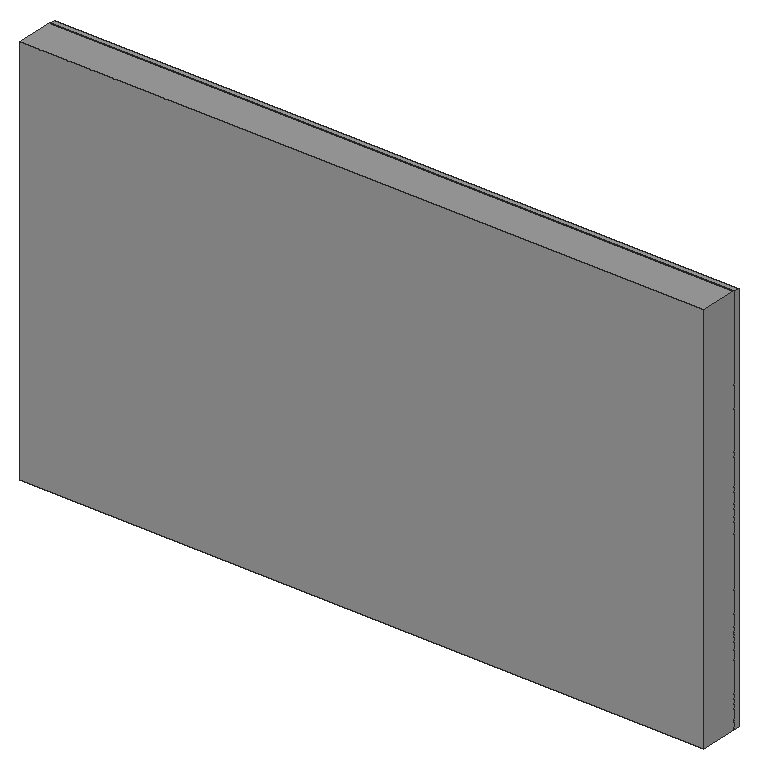
Revit family "Pluraluce M LED 1-s Sentr (skrått 45 grader opp mot venstre_veggmontasje)", category Lighting Fixtures, Revit 2013
Parameters (values of type "20m")
  Width = 10 mm
  Wattage Comments = "17 W"
  Wattage = 9.2903 W
  built-in parameter 1150110 = 1 (stored number, unit not read)
  Voltage = 230 V
  URL = ""
  built-in parameter 1114217 = 1 (stored number, unit not read)
  Tilt Angle = 90.00°
  built-in parameter 1150109 = 1 (stored number, unit not read)
  built-in parameter 1150134 = 3
  Symbol Positive Direction [instance] = yes
  Symbol Offset Side [instance] = 0 mm
  Symbol Offset Out [instance] = 0 mm
  built-in parameter 1150113 = 1 (stored number, unit not read)
  Reference Line Out [instance] = 50 mm
  Photometric Web File = "20x42A12.ies"
  Number of Poles = 1
  built-in parameter 1150105 = 109.82 (stored number, unit not read)
  Lumens = 1380 lm
  built-in parameter 1150115 = 1 (stored number, unit not read)
  Load Classification [instance] = Other
  Model = ""
  Manufacturer = ""
  built-in parameter 1150137 = (empty or 0)
  built-in parameter 1150139 = (empty or 0)
  Length 1 = Length - 30 mm  # 205 mm
  Length = 235 mm
  built-in parameter 1150112 = 1 (stored number, unit not read)
  built-in parameter 1150114 = 1 (stored number, unit not read)
  Lamp = "1"
  built-in parameter 1150132 = (empty or 0)
  built-in parameter 1150102 = (empty or 0)
  built-in parameter 1150107 = 3200 (stored number, unit not read)
  built-in parameter 1150138 = (empty or 0)
  built-in parameter 1150106 = 1.0982 (stored number, unit not read)
  Height 1 = Height - 30 mm  # 105 mm
  Height = 135 mm
  Emit from Rectangle Width = Height  # 135 mm
  Emit from Rectangle Length = Length  # 235 mm
  Emit Shape Visible in Rendering = no
  built-in parameter 1150104 = 13.8 (stored number, unit not read)
  Dimming Lamp Color Temperature Shift = <None>
  Description = ""
  Color Filter = 16777215
  Body Material and Colour = Default
  built-in parameter 1114218 = 1 (stored number, unit not read)
  built-in parameter 1150133 = 10 (stored number, unit not read)
  Assembly Code = ""
  Apparent Load = 17 VA
  30m = no
  20m = yes
Types (2, lengths in mm): name | Reference Line Out | Length 1 | Length | Height 1 | Height | Emit from Rectangle Width | Emit from Rectangle Length | 30m | 20m
  20m | 50 | 205 | 235 | 105 | 135 | 135 | 235 | no | yes
  30m | 139.852 | 305 | 335 | 155 | 185 | 185 | 335 | yes | no
Reference planes
  plane 1 "Light Source Axis (F/B)": y = 119.961
  plane 2 "Top": z = 83
  plane 3 "Light Source Axis (L/R)": x = 0
  plane 4 "Level": z = 0
  plane 5 "Bottom": z = -135
  plane 6: x = -117.5
  plane 7: x = 117.5
  plane 8: y = 132.961
  plane 9: y = 134.961
  plane 10: z = -15
  plane 11: x = -102.5
  plane 12: x = 102.5
  plane 13: z = -67.5
  plane 14: z = -120
Forms (mm)
  Extrusion 1, solid, material "Default" <- "Body Material and Colour"
    sketch origin (0, 119.961, 0) x (1, 0, 0) y (0, 0, 1)
      loop
        line (-117.5, 0) -> (-117.5, -135) -> (117.5, -135) -> (117.5, 0) -> (-117.5, 0)
    from 0 to -13
  Extrusion 2, solid, material "Default" <- "Body Material and Colour"
    sketch origin (0, 119.961, 0) x (1, 0, 0) y (0, 0, 1)
      loop
        line (-117.5, 0) -> (-117.5, -135) -> (117.5, -135) -> (117.5, 0) -> (-117.5, 0)
      loop
        line (-102.5, -15) -> (-102.5, -120) -> (102.5, -120) -> (102.5, -15) -> (-102.5, -15)
    from -15 to -13
Lines and regions (mm)
  model lines, style "InvisibleLines"
    curve 1: line (0, 119.961, 0) -> (0, 169.961, 0)
Dimensions and locks
  equal spacing: plane 6, plane 3 "Light Source Axis (L/R)", plane 7
  "Length": plane 6 to plane 7
  plane 8 to plane 1 "Light Source Axis (F/B)" = 13 mm
  locked: plane 9 to plane 8 at 2
  equal spacing: plane 4 "Level", plane 13, plane 5 "Bottom"
  "Height": plane 4 "Level" to plane 5 "Bottom"
  equal spacing: plane 11, plane 3 "Light Source Axis (L/R)", plane 12
  "Length 1": plane 11 to plane 12
  equal spacing: plane 10, plane 13, plane 14
  "Height 1": plane 10 to plane 14
  locked: plane 1 "Light Source Axis (F/B)" to plane 9 at 15
  "Reference Line Out": plane 1 "Light Source Axis (F/B)" to curve 1
  aligned and locked: plane 4 "Level" to level
  aligned and locked: plane 8 to nested 2
  aligned and locked: nested 2 to plane 13
  aligned and locked: plane 3 "Light Source Axis (L/R)" to nested 3
  aligned and locked: plane 1 "Light Source Axis (F/B)" to nested 3
  aligned and locked: plane 8 to nested 1
  aligned and locked: plane 4 "Level" to Extrusion 1 sketch curve
  aligned and locked: plane 6 to Extrusion 1 sketch curve
  aligned and locked: plane 5 "Bottom" to Extrusion 1 sketch curve
  aligned and locked: Extrusion 1 sketch curve to plane 7
  aligned and locked: Extrusion 1 to plane 8
  aligned and locked: plane 1 "Light Source Axis (F/B)" to Extrusion 1
  aligned and locked: plane 4 "Level" to Extrusion 2 sketch curve
  aligned and locked: Extrusion 2 sketch curve to plane 7
  aligned and locked: plane 5 "Bottom" to Extrusion 2 sketch curve
  aligned and locked: plane 6 to Extrusion 2 sketch curve
  aligned and locked: Extrusion 2 sketch curve to plane 10
  aligned and locked: plane 11 to Extrusion 2 sketch curve
  aligned and locked: plane 14 to Extrusion 2 sketch curve
  aligned and locked: Extrusion 2 sketch curve to plane 12
  aligned and locked: plane 8 to Extrusion 2
  aligned and locked: Extrusion 2 to plane 9
  aligned and locked: nested 1 to plane 13
  aligned and locked: plane 13 to imposter light
  aligned and locked: imposter light to plane 9
  aligned and locked: plane 1 "Light Source Axis (F/B)" to curve 1
  aligned and locked: plane 3 "Light Source Axis (L/R)" to curve 1
Nested families
  nested 1: "20m_skrått 45 grader opp mot venstre" at (0, 132.961, -67.5), visible <- "20m", type "20m"
  nested 2: "30m_skrått 45 grader opp mot venstre" at (0, 132.961, -67.5), visible <- "30m", type "30m"
  nested 3: "MarkeringslysS" at (0, 119.961, 0), type "Type 1"
Connectors
  electrical at (0, 119.961, 0), driven by "Number of Poles", driven by "Voltage", driven by "Apparent Load", driven by "Load Classification"
    settings: index 1, voltage 230 V, apparent load 0 VA, apparent load phase1 17 VA, apparent load phase2 0 VA, apparent load phase3 0 VA, power factor 1, load classification "Other", number of poles 1, system type 31, power factor state 1, is connector primary yes, connector utility no, sub classification motor no, connector description ""
Definition of nested family "20m_skrått 45 grader opp mot venstre"
  Parameters (values of type "20m")
    Material = yes
    L = 205 mm
    H = 135 mm
  Reference planes
    plane 1 "Center (Front/Back)": y = 0
    plane 2: z = 0
    plane 3 "Center (Left/Right)": x = 0
    plane 4: y = -2
  Forms (mm)
    Extrusion 1, solid, material "Green", visible <- "Material"
      sketch origin (453.48, 0, -265.275) x (1, 0, 0) y (0, 0, 1)
        loop
          line (-555.98, 317.775) -> (-555.98, 212.775) -> (-350.98, 212.775) -> (-350.98, 317.775) -> (-555.98, 317.775)
        loop
          line (-381.179, 261.219) -> (-381.179, 288.256) -> (-408.216, 288.256) -> (-416.327, 280.145) -> (-397.401, 280.145) -> (-431.197, 246.349) -> (-423.086, 238.238) -> (-389.29, 272.034) -> (-389.29, 253.108) -> (-381.179, 261.219)
        loop
          circle (-469.766, 303.483) r 7
        loop
          line (-475.5, 291.17) -> (-481.111, 295.878) -> (-514.738, 289.33) -> (-523.167, 276.351)
          arc (-523.167, 276.351) -> (-523.437, 274.892) -> (-522.597, 273.669) r 1.939
          line (-522.597, 273.669) -> (-520.357, 272.215)
          arc (-520.357, 272.215) -> (-518.849, 271.956) -> (-517.622, 272.872) r 1.939
          line (-517.622, 272.872) -> (-511.565, 283.363) -> (-494.748, 286.638) -> (-511.024, 258.447) -> (-527.794, 258.447)
          arc (-527.794, 258.447) -> (-530.079, 257.5) -> (-531.025, 255.215) r 3.232
          line (-531.025, 255.215) -> (-531.025, 251.984)
          arc (-531.025, 251.984) -> (-530.079, 249.699) -> (-527.794, 248.752) r 3.232
          line (-527.794, 248.752) -> (-494.232, 248.752) -> (-489.068, 257.695) -> (-482.551, 252.226) -> (-482.551, 225.892)
          arc (-482.551, 225.892) -> (-481.604, 223.607) -> (-479.319, 222.661) r 3.232
          line (-479.319, 222.661) -> (-476.087, 222.661)
          arc (-476.087, 222.661) -> (-473.802, 223.607) -> (-472.856, 225.892) r 3.232
          line (-472.856, 225.892) -> (-472.856, 256.746) -> (-484.146, 266.22) -> (-479.224, 274.746) -> (-468.474, 265.726)
          arc (-468.474, 265.726) -> (-467.059, 265.28) -> (-465.743, 265.965) r 1.939
          line (-465.743, 265.965) -> (-464.081, 267.946)
          arc (-464.081, 267.946) -> (-463.635, 269.361) -> (-464.32, 270.677) r 1.939
          line (-464.32, 270.677) -> (-475.942, 280.43) -> (-471.849, 287.519) -> (-475.5, 291.17)
      from 0 to 2
  Dimensions and locks
    aligned and locked: level to plane 2
Definition of nested family "30m_skrått 45 grader opp mot venstre"
  Parameters (values of type "30m")
    Material = yes
    L = 425.577 mm
    H = 260 mm
  Reference planes
    plane 1 "Center (Front/Back)": y = 0
    plane 2: z = 0
    plane 3 "Center (Left/Right)": x = 0
    plane 4: y = -2
  Forms (mm)
    Extrusion 1, solid, material "Green", visible <- "Material"
      sketch origin (0, 0, 0) x (1, 0, 0) y (0, 0, 1)
        loop
          line (-152.5, 77.5) -> (-152.5, -77.5) -> (152.5, -77.5) -> (152.5, 77.5) -> (-152.5, 77.5)
        loop
          line (116.852, -7.071) -> (116.852, 40.069) -> (69.712, 40.069) -> (55.57, 25.927) -> (88.568, 25.927) -> (29.642, -32.998) -> (43.785, -47.14) -> (102.71, 11.785) -> (102.71, -21.213) -> (116.852, -7.071)
        loop
          circle (-34.197, 48.678) r 8.988
        loop
          line (-41.559, 32.868) -> (-48.764, 38.913) -> (-91.942, 30.506) -> (-102.764, 13.841)
          arc (-102.764, 13.841) -> (-103.111, 11.967) -> (-102.032, 10.397) r 2.49
          line (-102.032, 10.397) -> (-99.157, 8.53)
          arc (-99.157, 8.53) -> (-97.22, 8.197) -> (-95.645, 9.373) r 2.49
          line (-95.645, 9.373) -> (-87.867, 22.844) -> (-66.274, 27.049) -> (-87.172, -9.148) -> (-108.705, -9.148)
          arc (-108.705, -9.148) -> (-111.639, -10.364) -> (-112.855, -13.298) r 4.149
          line (-112.855, -13.298) -> (-112.855, -17.447)
          arc (-112.855, -17.447) -> (-111.639, -20.381) -> (-108.705, -21.597) r 4.149
          line (-108.705, -21.597) -> (-65.611, -21.597) -> (-58.981, -10.114) -> (-50.612, -17.137) -> (-50.612, -50.949)
          arc (-50.612, -50.949) -> (-49.397, -53.883) -> (-46.463, -55.098) r 4.149
          line (-46.463, -55.098) -> (-42.313, -55.098)
          arc (-42.313, -55.098) -> (-39.379, -53.883) -> (-38.164, -50.949) r 4.149
          line (-38.164, -50.949) -> (-38.164, -11.332) -> (-52.661, 0.833) -> (-46.341, 11.78) -> (-32.538, 0.198)
          arc (-32.538, 0.198) -> (-30.721, -0.375) -> (-29.031, 0.505) r 2.49
          line (-29.031, 0.505) -> (-26.897, 3.048)
          arc (-26.897, 3.048) -> (-26.324, 4.865) -> (-27.204, 6.556) r 2.49
          line (-27.204, 6.556) -> (-42.127, 19.078) -> (-36.872, 28.181) -> (-41.559, 32.868)
      from 0 to 2
  Dimensions and locks
    aligned and locked: level to plane 2
    aligned and locked: plane 4 to Extrusion 1
    aligned and locked: Extrusion 1 to plane 1 "Center (Front/Back)"
    aligned and locked: Extrusion 1 to plane 4
Definition of nested family "MarkeringslysS"
  Parameters (values of type "Type 1")
    CQ Symbol Positive Direction = yes
    CQ Symbol Negative Direction = not(CQ Symbol Positive Direction)  # no
    CQ Symbol Offset Side = 0 mm
    CQ Symbol Offset Out = 0 mm
  Reference planes
    plane 1: y = 0
    plane 2: x = 0
  Dimensions and locks
    "CQ Symbol Offset Out": plane 1 to nested 1
    "CQ Symbol Offset Out": plane 1 to nested 2
    "CQ Symbol Offset Side": plane 2 to nested 2
    "CQ Symbol Offset Side": nested 1 to plane 2
  Nested families
    nested 1: "LedelysSub" at (0, 0, 0), visible <- "CQ Symbol Negative Direction", type "Type 1"
    nested 2: "LedelysSub" at (0, 0, 0), visible <- "CQ Symbol Positive Direction", type "Type 1"
  Definition of nested family "LedelysSub"
    Reference planes
      plane 1: y = 0
      plane 2: x = 0
    Lines and regions (mm)
      Filled region 1, type "Filled region 1"
        outline origin (64.576, 53.459, 0) x (1, 0, 0) y (0, 1, 0)
          loop
            arc (-65.575, -52.307) -> (-65.224, -51.459) -> (-65.575, -50.61) r 1.2
            line (-65.575, -50.61) -> (-66.424, -51.459) -> (-65.575, -52.307)
      Filled region 2, type "Filled region 1"
        outline origin (-68.271, 53.459, 0) x (0, 1, 0) y (-1, 0, 0)
          loop
            line (-52.307, -65.575) -> (-51.459, -66.424) -> (-50.61, -65.575)
            arc (-50.61, -65.575) -> (-51.459, -65.224) -> (-52.307, -65.575) r 1.2
      detail lines
        curve 1: line (-4, 0, 0) -> (4, 0, 0)
        curve 2: line (4, 0, 0) -> (4, 4, 0)
        curve 3: line (4, 4, 0) -> (-4, 4, 0)
        curve 4: line (-4, 4, 0) -> (-4, 0, 0)
        curve 5: line (-3.097, 0.75, 0) -> (-0.597, 3.25, 0)
        curve 6: line (-3.097, 3.25, 0) -> (-0.597, 0.75, 0)
        curve 7: circle (-1.847, 2, 0) r 1.2 normal (0, 0, 1)
    Text (mm)
      text "ML" at (2.179, 3.025, 0)
    Dimensions and locks
      aligned and locked: Filled region 1 sketch curve to curve 7
